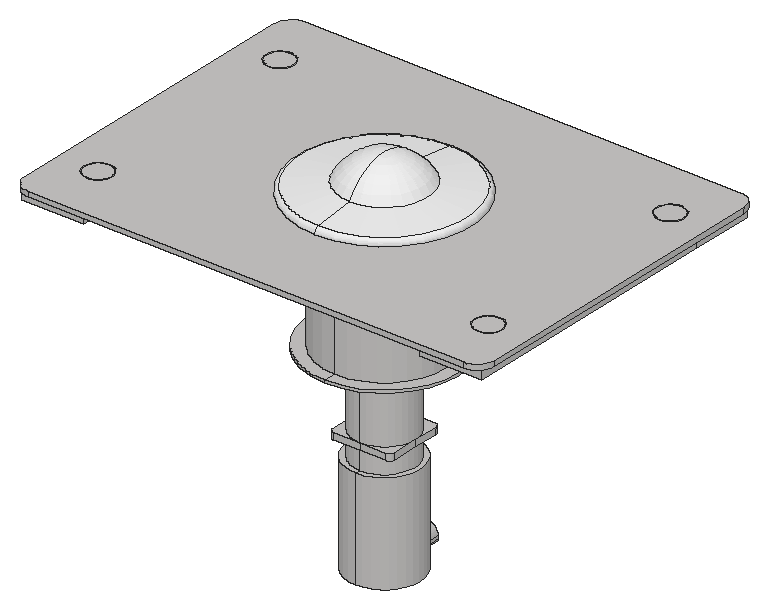
Revit family "PRD_AR_FlshCntrlDvcs_ActuatorPlate_ACSF400111", category Plumbing Fixtures, host Face, Revit 2023
Family settings
  Host = Face
  Round Connector Dimension = Use Diameter
  Part Type = Normal
  OmniClass Number = 23.45.05.14.99
  OmniClass Title = Other Sanitary Washing Plumbing Fixtures
  Enable Cutting in Views = No
  Cut with Voids When Loaded = Yes
  Maintain Annotation Orientation = No
  Shared = No
  Room Calculation Point = No
Parameters (values of type "ACSF4001")
  WorkingPressure = 0.0 Pa
  WarrantyStartDate [instance] = "1900-12-31T23:59:59"
  WarrantyGuarantorParts = "n/a"
  WarrantyGuarantorLabor = "n/a"
  WarrantyDurationUnit = "n/a"
  WarrantyDurationParts = "n/a"
  WarrantyDurationLabor = "n/a"
  WarrantyDescription = "n/a"
  Version = "1"
  ValvePattern = "OTHER"
  ValveOperation = "PNEUMATIC"
  ValveMechanism = "OTHER"
  Uniclass2015Version = "Products v1.36"
  Uniclass2015Title = "Flush control devices"
  Uniclass2015Code = "Pr_75_50_46_31"
  URL = "www.kwc-professional.com"
  Type IFC Predefined Type = "FLUSHING"
  TtypeOfFlushingFitting = "for WC cistern"
  TestPressure = 0.0 Pa
  TagNumber [instance] = "n/a"
  SustainabilityPerformance = "n/a"
  SurfaceFinishCasing = "Brushed"
  SurfaceFinish = "Satin Finished"
  Status = "New"
  Size = "n/a"
  Shape = "n/a"
  SerialNumber [instance] = "n/a"
  Revision = "n/a"
  ReplacementCost = "n/a"
  Reference = "n/a"
  ProductInformation = "http://pim.kwc.com/product/2030068181/attachment/datasheet?locale=en"
  OverallWidth = 0.00 mm
  OverallLength = 0.00 mm
  OverallHeight = 0.00 mm
  NominalWidth = 190.00 mm
  NominalHeight = 140.00 mm
  NominalDepth = 134.00 mm
  Name = "Actuator plate ACSF4001"
  NBSTypeID = "n/a"
  NBSReference = "90-15-35/470"
  NBSOfficeMasterTag = "n/a"
  NBSNote = "n/a"
  NBSDescription = "Flush control devices"
  NBSCertification = "n/a"
  ModelReference = "ACSF4001"
  ModelNumber = "2030068181"
  Model = ModelReference  # "ACSF4001"
  MaterialCodeCasing = "1.4301 Chrome Nickel steel V2A"
  MaterialCasing = "Stainless Steel"
  Material = "stainless steel"
  ManufacturerURL = "www.kwc-professional.com"
  ManufacturerName = "KWC Group Management AG"
  Manufacturer = ManufacturerName  # "KWC Group Management AG"
  IsHighPressure = no
  InstallationDate [instance] = "1900-12-31T23:59:59"
  IfcExportType = "FLUSHING"
  IfcExportAs = "IfcValveType"
  HasIntegralShutOffDevice = no
  Grade = "n/a"
  FunctionalPrinciple = "Manual"
  FlushingRate = 0.0 L/s
  FlowCoefficient = 0
  Finish = "Satin finished"
  Features = "Material casing stainless steel with satin finish, dimension plate 190 x 140 mm."
  Export Type to IFC As = "IfcValveType"
  ExpectedLife = "n/a"
  DurationUnit = "n/a"
  Description = "Stainless steel actuator plate for concealed cistern in the AQUAFIX installation frame. Especially suitable for facilities at risk of vandalism. Actuation button for single flush with start/stop, mounting from the front with safety screws."
  Default Elevation = 1000.00 mm
  CreatedOn = "04/2025"  # constant formula
  CoverPlateWidth = "190 mm"
  CoverPlateHeight = "140 mm"
  Constituents = "n/a"
  Color = "n/a"
  CodePerformance = "n/a"
  CloseOffRating = 0.0 Pa
  Category = "Pr_75_50_46_31, Flush control devices"
  CasingMaterial = PRD_AR_StainlessSteel_Brushed
  ButtonMaterial = PRD_AR_ChromatedBrass_HighPolished
  BuiltInFittingModel = "Finishing section"
  BarCode [instance] = "n/a"
  BIMObjectName = "PRD_AR_FlushControlDevices_ActuatorPlate_ACSF4001"
  Author = "Archispace"  # constant formula
  AssetType = "Fixed"
  AssetIdentifier [instance] = "n/a"
  AccessibilityPerformance = "n/a"
Reference planes
  plane 1 "Center (Front/Back)": y = 0
  plane 2: z = 0
  plane 3 "Center (Left/Right)": x = 0
  plane 4: z = -134
  plane 5: x = -95
  plane 6: x = 95
  plane 7: y = 70
  plane 8: y = -70
Forms (mm)
  Extrusion 1, void
    sketch origin (0, 0, 0) x (1, 0, 0) y (0, 1, 0)
      loop
        line (-68, 42) -> (-68, -67) -> (68, -67) -> (68, 42) -> (-68, 42)
    from -134 to 18.918
Dimensions and locks
  aligned and locked: plane 2 to host face
  aligned and locked: level to host face
Nested families
  nested 1: "ActuratorPlate" at (0, 0, 0), type "ActuratorPlate"
Definition of nested family "ActuratorPlate"
  Parameters (values of type "ActuratorPlate")
    Default Elevation = 0.00 mm
    CasingMaterial = none
    ButtonMaterial = none
  Reference planes
    plane 1 "Center (Front/Back)": y = 0
    plane 2: z = 0
    plane 3 "Center (Left/Right)": x = 0
  Forms (mm)
    Extrusion 1, solid, material <- "CasingMaterial", detail levels fine
      sketch origin (0, 0, 0) x (1, 0, 0) y (0, 1, 0)
        loop
          line (88, 70) -> (-88, 70)
          arc (-88, 70) -> (-92.95, 67.95) -> (-95, 63) r 7
          line (-95, 63) -> (-95, -63)
          arc (-95, -63) -> (-92.95, -67.95) -> (-88, -70) r 7
          line (-88, -70) -> (88, -70)
          arc (88, -70) -> (92.95, -67.95) -> (95, -63) r 7
          line (95, -63) -> (95, 63)
          arc (95, 63) -> (92.95, 67.95) -> (88, 70) r 7
        loop
          circle (-78.985, 45.998) r 5.712
        loop
          circle (78.985, 45.998) r 5.712
        loop
          circle (-78.985, -45.998) r 5.712
        loop
          circle (78.985, -45.998) r 5.712
      from 0 to 2
    Revolve 2, solid, material <- "ButtonMaterial", detail levels fine
      sketch origin (0, 0, 0) x (0, 1, 0) y (0, 0, 1)
        loop
          line (0, 16.525) -> (0, 2) -> (34.96, 2)
          arc (34.96, 2) -> (34.632, 3.499) -> (33.335, 4.32) r 1.992
          arc (33.335, 4.32) -> (25.398, 5.5) -> (17.418, 6.339) r 187.963
          arc (17.418, 6.339) -> (10.095, 13.802) -> (0, 16.525) r 19.91
        axis (0, 16.525) -> (0, 2)
      angle from 0 to 360
    Revolve 3, solid, material <- "CasingMaterial", detail levels fine
      sketch origin (0, 0, 0) x (0, 1, 0) y (0, 0, 1)
        loop
          line (0, 0) -> (0, -134) -> (12.248, -134) -> (12.248, -60) -> (10.468, -60) -> (10.468, -54) -> (30, -54) -> (30, -53) -> (25, -53) -> (25, 0) -> (0, 0)
        axis (0, 0) -> (0, -134)
      angle from 0 to 360
    Extrusion 4, solid, material <- "CasingMaterial", detail levels fine
      sketch origin (0, 0, 0) x (1, 0, 0) y (0, 1, 0)
        loop
          line (0, 12.5) -> (-10.5, 12.5)
          arc (-10.5, 12.5) -> (-11.914, 11.914) -> (-12.5, 10.5) r 2
          line (-12.5, 10.5) -> (-12.5, 0) -> (-12.5, -10.5)
          arc (-12.5, -10.5) -> (-11.914, -11.914) -> (-10.5, -12.5) r 2
          line (-10.5, -12.5) -> (0, -12.5) -> (10.5, -12.5)
          arc (10.5, -12.5) -> (11.914, -11.914) -> (12.5, -10.5) r 2
          line (12.5, -10.5) -> (12.5, 0) -> (12.5, 10.5)
          arc (12.5, 10.5) -> (11.914, 11.914) -> (10.5, 12.5) r 2
          line (10.5, 12.5) -> (0, 12.5)
      from -86 to -83.5
    Revolve 5, solid, material <- "CasingMaterial", detail levels fine
      sketch origin (0, 0, 0) x (0, 1, 0) y (0, 0, 1)
        loop
          line (0, -134) -> (14.477, -134) -> (14.477, -93.5) -> (0, -93.5) -> (0, -134)
        axis (0, -134) -> (0, -93.5)
      angle from 0 to 360
    Extrusion 6, solid, material <- "CasingMaterial", detail levels fine
      sketch origin (0, 0, 0) x (1, 0, 0) y (0, 0, 1)
        loop
          line (2.994, -130.506) -> (2.994, -131.757)
          arc (2.994, -131.757) -> (3.75, -132.513) -> (4.506, -131.757) r 0.756
          line (4.506, -131.757) -> (4.506, -130.493)
          arc (4.506, -130.493) -> (3.187, -127.307) -> (0, -125.987) r 4.506
          arc (0, -125.987) -> (-3.187, -127.307) -> (-4.506, -130.493) r 4.506
          line (-4.506, -130.493) -> (-4.506, -131.757)
          arc (-4.506, -131.757) -> (-3.75, -132.513) -> (-2.994, -131.757) r 0.756
          line (-2.994, -131.757) -> (-2.994, -130.506)
          arc (-2.994, -130.506) -> (-2.117, -128.39) -> (0, -127.513) r 2.994
          arc (0, -127.513) -> (2.117, -128.39) -> (2.994, -130.506) r 2.994
        loop
          circle (0, -130.493) r 1.422
        loop
          circle (0, -130.493) r 0.789
      from -21.5 to -3.955
    Extrusion 7, solid, material <- "CasingMaterial", detail levels fine
      sketch origin (0, 0, 0) x (1, 0, 0) y (0, 1, 0)
        loop
          line (-12, -6.652) -> (-0.239, -13.718) -> (11.761, -7.066) -> (12, 6.652) -> (0.239, 13.718) -> (-11.761, 7.066) -> (-12, -6.652)
      from -59 to -53
    Extrusion 8, solid, material <- "CasingMaterial", detail levels fine
      sketch origin (0, 0, 0) x (1, 0, 0) y (0, 1, 0)
        loop
          line (-93, 67) -> (-93, 42) -> (93, 42) -> (93, 67) -> (-93, 67)
      from -4 to 0
    Extrusion 9, solid, material <- "CasingMaterial", detail levels fine
      sketch origin (0, 0, 0) x (1, 0, 0) y (0, 1, 0)
        loop
          line (-93, 42) -> (-93, -67) -> (-68, -67) -> (-68, 42) -> (-93, 42)
        loop
          line (93, 42) -> (68, 42) -> (68, -67) -> (93, -67) -> (93, 42)
      from -4 to 0
    Extrusion 10, solid, material <- "CasingMaterial", detail levels fine
      sketch origin (0, 0, 0) x (1, 0, 0) y (0, 1, 0)
        loop
          circle (-78.985, 45.998) r 5.315
      from 0 to 2
    Extrusion 11, solid, material <- "CasingMaterial", detail levels fine
      sketch origin (0, 0, 0) x (-1, 0, 0) y (0, -1, 0)
        loop
          circle (-78.985, -45.998) r 5.315
      from 0 to 2
    Extrusion 12, solid, material <- "CasingMaterial", detail levels fine
      sketch origin (0, 0, 0) x (-1, 0, 0) y (0, -1, 0)
        loop
          circle (-78.985, 45.998) r 5.315
      from 0 to 2
    Extrusion 13, solid, material <- "CasingMaterial", detail levels fine
      sketch origin (0, 0, 0) x (1, 0, 0) y (0, 1, 0)
        loop
          circle (-78.985, -45.998) r 5.315
      from 0 to 2
    Extrusion 14, solid, material <- "CasingMaterial", detail levels coarse+medium
      sketch origin (0, 0, 0) x (1, 0, 0) y (0, 1, 0)
        loop
          line (-95, 70) -> (-95, -70) -> (95, -70) -> (95, 70) -> (-95, 70)
      from -4 to 2
    Extrusion 15, solid, material <- "CasingMaterial", detail levels coarse+medium
      sketch origin (0, 0, 0) x (1, 0, 0) y (0, 1, 0)
        loop
          circle (0, 0) r 34.96
      from -134 to -4
  Cuts and joins
    joined: Revolve 3, Extrusion 4, Revolve 5, Extrusion 6, Extrusion 7
  Lines and regions (mm)
    model lines, detail levels coarse+medium
      curve 1: arc (0, -34.96, 2) -> (-34.96, 0, 2) -> (0, 34.96, 2) r 34.96
      curve 2: arc (0, 34.96, 2) -> (34.96, 0, 2) -> (0, -34.96, 2) r 34.96
      curve 3: arc (0, -17.418, 2) -> (-17.418, 0, 2) -> (0, 17.418, 2) r 17.418
      curve 4: arc (0, -17.418, 2) -> (17.418, 0, 2) -> (0, 17.418, 2) r 17.418
  Dimensions and locks
    aligned and locked: level to plane 2
